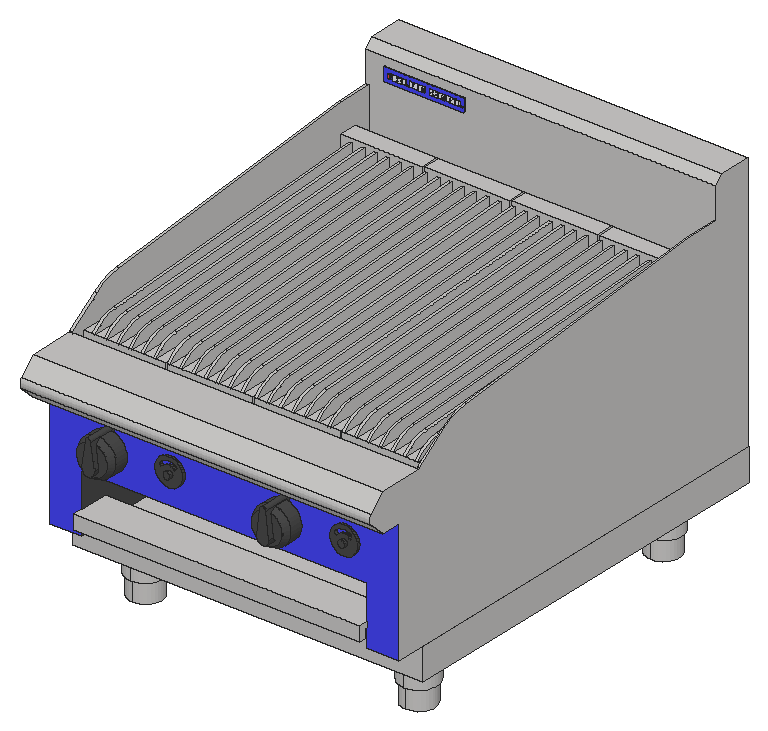
Revit family "QF_MOFFAT_BLUESEAL_AU_G594-B", category Specialty Equipment, Revit 2012
Parameters
  Weight in Pounds = 281  # constant formula
  URL Cutsheet = "www.moffat.com"
  URL = "www.moffat.com"
  Type Mark [instance] = ""
  Status [instance] = ""
  Specification by User [instance] = ""
  Specification by Manufacturer = ""
  Show Logo [instance] = yes
  Show Casters [instance] = yes
  Serial Number = ""
  Seismic Rating = ""
  SMACNA No = ""
  Revision Code [instance] = ""
  Omniclass Number and Title = ""
  NAFEM Spec ID Number = ""
  Model = "G594-B"
  Mechanical Remarks [instance] = ""
  Mechanical Connection Type [instance] = ""
  Masterspec = ""
  Manufacturer = "MOFFAT BLUESEAL"
  Legs [instance] = not(Show Casters)  # no
  Item Number [instance] = ""
  Installed By [instance] = ""
  Identify Quantity as Lot [instance] = yes
  Gas Size = 3/4"
  Gas RI Height [instance] = 0 mm
  Gas KW [instance] = 18.6
  Gas Input [instance] = 62555.0 Btu/h
  Gas Connection Height = 0 mm
  Furnished By [instance] = ""
  Foodservice Equipment Identifier [instance] = yes
  Description = "600MM GAS CHARGRILL BENCH MOUNT"
  CSI MasterFormat = ""
  CSI Master Format = ""
  Body Finish = QF_Finishes_Stainless Steel
Reference planes
  plane 1 "BACK": y = 0
  plane 2: z = 0
  plane 3 "LEFT": x = 0
  plane 4 "RIGHT": x = 600
  plane 5 "FRONT": y = -812
  plane 6 "TOP": z = 972
  plane 7 "Center Y": x = 300
  plane 8 "Center X": y = -406
  plane 9: y = -100
  plane 10: y = -625
  plane 11: z = 585
  plane 12: x = 534.5
  plane 13: x = 65.5
Forms (mm)
  Extrusion 1, solid, material "QF_Finishes_Stainless Steel" <- "Body Finish"
    sketch origin (0, 0, -500) x (0, 1, 0) y (0, 0, 1)
      loop
        line (0, 640) -> (0, 1085) -> (-57.5, 1085) -> (-70, 1072.5) -> (-70, 875) -> (-705, 875) -> (-705, 915) -> (-783.97, 915) -> (-808.485, 890.485)
        arc (-808.485, 890.485) -> (-811.999, 882) -> (-808.485, 873.515) r 12
        line (-808.485, 873.515) -> (-784.97, 850) -> (-749, 850) -> (-749, 640) -> (0, 640)
      loop
        line (0, 585) -> (0, 639.206) -> (-699, 639.206) -> (-699, 585) -> (0, 585)
    from 0 to 600
  Extrusion 2, solid, material "QF_Finishes_Stainless Steel" <- "Body Finish"
    sketch origin (0, 0, -342.612) x (0, 1, 0) y (0, 0, 1)
      loop
        line (-70, 717) -> (-70, 860.112) -> (-127.045, 860.112) -> (-604.53, 814.135)
        arc (-604.53, 814.135) -> (-629.557, 808.415) -> (-652.303, 796.511) r 100
        line (-652.303, 796.511) -> (-705, 759.612) -> (-705, 717) -> (-70, 717)
    from 0 to 4.5
  Extrusion 3, solid, material "QF_Finishes_Stainless Steel" <- "Body Finish"
    sketch origin (600, 0, -342.612) x (0, 1, 0) y (0, 0, -1)
      loop
        line (-70, -717) -> (-705, -717) -> (-705, -759.612) -> (-652.303, -796.511)
        arc (-652.303, -796.511) -> (-629.557, -808.415) -> (-604.53, -814.135) r 100
        line (-604.53, -814.135) -> (-127.045, -860.112) -> (-70, -860.112) -> (-70, -717)
    from 0 to 3
  Revolve 4, solid, material "QF_Finishes_Black"
    sketch origin (108, 7, -344.2) x (0, 1, 0) y (0, 0, 1)
      loop
        line (-789, 671.5) -> (-800, 665.651) -> (-800, 639) -> (-756, 639) -> (-756, 644) -> (-766, 644) -> (-766, 671.5) -> (-789, 671.5)
      axis (-800, 639) -> (-756, 639)
    angle from 0 to 360
  Extrusion 5, solid, material "QF_Finishes_Black"
    sketch origin (-30.113, 7, -344.2) x (1, 0, 0) y (0, 0, 1)
      loop
        line (148.532, 628.195) -> (143.111, 671.113)
        arc (143.111, 671.113) -> (138.113, 676) -> (133.114, 671.113) r 5
        line (133.114, 671.113) -> (127.625, 627.028)
        arc (127.625, 627.028) -> (138.697, 616.529) -> (148.532, 628.195) r 10.487
    from 759 to 808
  Extrusion 6, solid, material "QF_Finishes_Stainless Steel"
    sketch origin (276, 0, -342) x (0, 1, 0) y (0, 0, 1)
      loop
        line (-132, 752.364) -> (-132, 804.849) -> (-637.852, 774.53)
        arc (-637.852, 774.53) -> (-663.098, 767.97) -> (-684, 752.364) r 67.81
        line (-684, 752.364) -> (-132, 752.364)
    from 0 to 4.5
  Extrusion 7, solid, material "QF_Finishes_Stainless Steel"
    sketch origin (255, 0, -342) x (0, 1, 0) y (0, 0, 1)
      loop
        line (-132, 752.364) -> (-132, 804.849) -> (-637.852, 774.53)
        arc (-637.852, 774.53) -> (-663.098, 767.97) -> (-684, 752.364) r 67.81
        line (-684, 752.364) -> (-132, 752.364)
    from 0 to 4.5
  Extrusion 8, solid, material "QF_Finishes_Stainless Steel"
    sketch origin (234, 0, -342) x (0, 1, 0) y (0, 0, 1)
      loop
        line (-132, 752.364) -> (-132, 804.849) -> (-637.852, 774.53)
        arc (-637.852, 774.53) -> (-663.098, 767.97) -> (-684, 752.364) r 67.81
        line (-684, 752.364) -> (-132, 752.364)
    from 0 to 4.5
  Extrusion 9, solid, material "QF_Finishes_Stainless Steel"
    sketch origin (213, 0, -342) x (0, 1, 0) y (0, 0, 1)
      loop
        line (-132, 752.364) -> (-132, 804.849) -> (-637.852, 774.53)
        arc (-637.852, 774.53) -> (-663.098, 767.97) -> (-684, 752.364) r 67.81
        line (-684, 752.364) -> (-132, 752.364)
    from 0 to 4.5
  Extrusion 10, solid, material "QF_Finishes_Stainless Steel"
    sketch origin (192, 0, -342) x (0, 1, 0) y (0, 0, 1)
      loop
        line (-132, 752.364) -> (-132, 804.849) -> (-637.852, 774.53)
        arc (-637.852, 774.53) -> (-663.098, 767.97) -> (-684, 752.364) r 67.81
        line (-684, 752.364) -> (-132, 752.364)
    from 0 to 4.5
  Extrusion 11, solid, material "QF_Finishes_Stainless Steel"
    sketch origin (171, 0, -342) x (0, 1, 0) y (0, 0, 1)
      loop
        line (-132, 752.364) -> (-132, 804.849) -> (-637.852, 774.53)
        arc (-637.852, 774.53) -> (-663.098, 767.97) -> (-684, 752.364) r 67.81
        line (-684, 752.364) -> (-132, 752.364)
    from 0 to 4.5
  Extrusion 12, solid, material "QF_Finishes_Stainless Steel"
    sketch origin (150, 0, -342) x (0, 1, 0) y (0, 0, 1)
      loop
        line (-132, 752.364) -> (-132, 804.849) -> (-637.852, 774.53)
        arc (-637.852, 774.53) -> (-663.098, 767.97) -> (-684, 752.364) r 67.81
        line (-684, 752.364) -> (-132, 752.364)
    from 0 to 4.5
  Extrusion 13, solid, material "QF_Finishes_Stainless Steel"
    sketch origin (126, 0, -342) x (0, 1, 0) y (0, 0, 1)
      loop
        line (-132, 752.364) -> (-132, 804.849) -> (-637.852, 774.53)
        arc (-637.852, 774.53) -> (-663.098, 767.97) -> (-684, 752.364) r 67.81
        line (-684, 752.364) -> (-132, 752.364)
    from 0 to 4.5
  Extrusion 14, solid, material "QF_Finishes_Stainless Steel"
    sketch origin (105, 0, -342) x (0, 1, 0) y (0, 0, 1)
      loop
        line (-132, 752.364) -> (-132, 804.849) -> (-637.852, 774.53)
        arc (-637.852, 774.53) -> (-663.098, 767.97) -> (-684, 752.364) r 67.81
        line (-684, 752.364) -> (-132, 752.364)
    from 0 to 4.5
  Extrusion 15, solid, material "QF_Finishes_Stainless Steel"
    sketch origin (84, 0, -342) x (0, 1, 0) y (0, 0, 1)
      loop
        line (-132, 752.364) -> (-132, 804.849) -> (-637.852, 774.53)
        arc (-637.852, 774.53) -> (-663.098, 767.97) -> (-684, 752.364) r 67.81
        line (-684, 752.364) -> (-132, 752.364)
    from 0 to 4.5
  Extrusion 16, solid, material "QF_Finishes_Stainless Steel"
    sketch origin (63, 0, -342) x (0, 1, 0) y (0, 0, 1)
      loop
        line (-132, 752.364) -> (-132, 804.849) -> (-637.852, 774.53)
        arc (-637.852, 774.53) -> (-663.098, 767.97) -> (-684, 752.364) r 67.81
        line (-684, 752.364) -> (-132, 752.364)
    from 0 to 4.5
  Extrusion 17, solid, material "QF_Finishes_Stainless Steel"
    sketch origin (42, 0, -342) x (0, 1, 0) y (0, 0, 1)
      loop
        line (-132, 752.364) -> (-132, 804.849) -> (-637.852, 774.53)
        arc (-637.852, 774.53) -> (-663.098, 767.97) -> (-684, 752.364) r 67.81
        line (-684, 752.364) -> (-132, 752.364)
    from 0 to 4.5
  Extrusion 18, solid, material "QF_Finishes_Stainless Steel"
    sketch origin (21, 0, -342) x (0, 1, 0) y (0, 0, 1)
      loop
        line (-132, 752.364) -> (-132, 804.849) -> (-637.852, 774.53)
        arc (-637.852, 774.53) -> (-663.098, 767.97) -> (-684, 752.364) r 67.81
        line (-684, 752.364) -> (-132, 752.364)
    from 0 to 4.5
  Extrusion 19, solid, material "QF_Finishes_Stainless Steel"
    sketch origin (426, 0, -342) x (0, 1, 0) y (0, 0, 1)
      loop
        line (-132, 752.364) -> (-132, 804.849) -> (-637.852, 774.53)
        arc (-637.852, 774.53) -> (-663.098, 767.97) -> (-684, 752.364) r 67.81
        line (-684, 752.364) -> (-132, 752.364)
    from 0 to 4.5
  Extrusion 20, solid, material "QF_Finishes_Stainless Steel"
    sketch origin (405, 0, -342) x (0, 1, 0) y (0, 0, 1)
      loop
        line (-132, 752.364) -> (-132, 804.849) -> (-637.852, 774.53)
        arc (-637.852, 774.53) -> (-663.098, 767.97) -> (-684, 752.364) r 67.81
        line (-684, 752.364) -> (-132, 752.364)
    from 0 to 4.5
  Extrusion 21, solid, material "QF_Finishes_Stainless Steel"
    sketch origin (384, 0, -342) x (0, 1, 0) y (0, 0, 1)
      loop
        line (-132, 752.364) -> (-132, 804.849) -> (-637.852, 774.53)
        arc (-637.852, 774.53) -> (-663.098, 767.97) -> (-684, 752.364) r 67.81
        line (-684, 752.364) -> (-132, 752.364)
    from 0 to 4.5
  Extrusion 22, solid, material "QF_Finishes_Stainless Steel"
    sketch origin (363, 0, -342) x (0, 1, 0) y (0, 0, 1)
      loop
        line (-132, 752.364) -> (-132, 804.849) -> (-637.852, 774.53)
        arc (-637.852, 774.53) -> (-663.098, 767.97) -> (-684, 752.364) r 67.81
        line (-684, 752.364) -> (-132, 752.364)
    from 0 to 4.5
  Extrusion 23, solid, material "QF_Finishes_Stainless Steel"
    sketch origin (342, 0, -342) x (0, 1, 0) y (0, 0, 1)
      loop
        line (-132, 752.364) -> (-132, 804.849) -> (-637.852, 774.53)
        arc (-637.852, 774.53) -> (-663.098, 767.97) -> (-684, 752.364) r 67.81
        line (-684, 752.364) -> (-132, 752.364)
    from 0 to 4.5
  Extrusion 24, solid, material "QF_Finishes_Stainless Steel"
    sketch origin (321, 0, -342) x (0, 1, 0) y (0, 0, 1)
      loop
        line (-132, 752.364) -> (-132, 804.849) -> (-637.852, 774.53)
        arc (-637.852, 774.53) -> (-663.098, 767.97) -> (-684, 752.364) r 67.81
        line (-684, 752.364) -> (-132, 752.364)
    from 0 to 4.5
  Extrusion 25, solid, material "QF_Finishes_Stainless Steel"
    sketch origin (300, 0, -342) x (0, 1, 0) y (0, 0, 1)
      loop
        line (-132, 752.364) -> (-132, 804.849) -> (-637.852, 774.53)
        arc (-637.852, 774.53) -> (-663.098, 767.97) -> (-684, 752.364) r 67.81
        line (-684, 752.364) -> (-132, 752.364)
    from 0 to 4.5
  Extrusion 26, solid, material "QF_Finishes_Stainless Steel"
    sketch origin (576, 0, -342) x (0, 1, 0) y (0, 0, 1)
      loop
        line (-132, 752.364) -> (-132, 804.849) -> (-637.852, 774.53)
        arc (-637.852, 774.53) -> (-663.098, 767.97) -> (-684, 752.364) r 67.81
        line (-684, 752.364) -> (-132, 752.364)
    from 0 to 4.5
  Extrusion 27, solid, material "QF_Finishes_Stainless Steel"
    sketch origin (555, 0, -342) x (0, 1, 0) y (0, 0, 1)
      loop
        line (-132, 752.364) -> (-132, 804.849) -> (-637.852, 774.53)
        arc (-637.852, 774.53) -> (-663.098, 767.97) -> (-684, 752.364) r 67.81
        line (-684, 752.364) -> (-132, 752.364)
    from 0 to 4.5
  Extrusion 28, solid, material "QF_Finishes_Stainless Steel"
    sketch origin (534, 0, -342) x (0, 1, 0) y (0, 0, 1)
      loop
        line (-132, 752.364) -> (-132, 804.849) -> (-637.852, 774.53)
        arc (-637.852, 774.53) -> (-663.098, 767.97) -> (-684, 752.364) r 67.81
        line (-684, 752.364) -> (-132, 752.364)
    from 0 to 4.5
  Extrusion 29, solid, material "QF_Finishes_Stainless Steel"
    sketch origin (513, 0, -342) x (0, 1, 0) y (0, 0, 1)
      loop
        line (-132, 752.364) -> (-132, 804.849) -> (-637.852, 774.53)
        arc (-637.852, 774.53) -> (-663.098, 767.97) -> (-684, 752.364) r 67.81
        line (-684, 752.364) -> (-132, 752.364)
    from 0 to 4.5
  Extrusion 30, solid, material "QF_Finishes_Stainless Steel"
    sketch origin (492, 0, -342) x (0, 1, 0) y (0, 0, 1)
      loop
        line (-132, 752.364) -> (-132, 804.849) -> (-637.852, 774.53)
        arc (-637.852, 774.53) -> (-663.098, 767.97) -> (-684, 752.364) r 67.81
        line (-684, 752.364) -> (-132, 752.364)
    from 0 to 4.5
  Extrusion 31, solid, material "QF_Finishes_Stainless Steel"
    sketch origin (471, 0, -342) x (0, 1, 0) y (0, 0, 1)
      loop
        line (-132, 752.364) -> (-132, 804.849) -> (-637.852, 774.53)
        arc (-637.852, 774.53) -> (-663.098, 767.97) -> (-684, 752.364) r 67.81
        line (-684, 752.364) -> (-132, 752.364)
    from 0 to 4.5
  Extrusion 32, solid, material "QF_Finishes_Stainless Steel"
    sketch origin (450, 0, -342) x (0, 1, 0) y (0, 0, 1)
      loop
        line (-132, 752.364) -> (-132, 804.849) -> (-637.852, 774.53)
        arc (-637.852, 774.53) -> (-663.098, 767.97) -> (-684, 752.364) r 67.81
        line (-684, 752.364) -> (-132, 752.364)
    from 0 to 4.5
  Extrusion 33, solid, material "QF_Finishes_Stainless Steel"
    sketch origin (0, 3, -500) x (1, 0, 0) y (0, 1, 0)
      loop
        circle (216, -37) r 13.5
    from 553 to 585
  Extrusion 34, solid, material "QF_Finishes_Stainless Steel"
    sketch origin (0, 0, -342) x (0, 1, 0) y (0, 0, 1)
      loop
        line (-132, 752.364) -> (-684, 752.364) -> (-684, 717) -> (-102, 717) -> (-102, 812) -> (-132, 812) -> (-132, 752.364)
    from 4.5 to 147
  Extrusion 35, solid, material "QF_Finishes_Stainless Steel"
    sketch origin (145.5, 0, -342) x (0, 1, 0) y (0, 0, 1)
      loop
        line (-132, 752.364) -> (-684, 752.364) -> (-684, 717) -> (-102, 717) -> (-102, 812) -> (-132, 812) -> (-132, 752.364)
    from 4.5 to 151.5
  Extrusion 36, solid, material "QF_Finishes_Stainless Steel"
    sketch origin (295.5, 0, -342) x (0, 1, 0) y (0, 0, 1)
      loop
        line (-132, 752.364) -> (-684, 752.364) -> (-684, 717) -> (-102, 717) -> (-102, 812) -> (-132, 812) -> (-132, 752.364)
    from 4.5 to 151.5
  Extrusion 37, solid, material "QF_Finishes_Stainless Steel"
    sketch origin (445.5, 0, -342) x (0, 1, 0) y (0, 0, 1)
      loop
        line (-132, 752.364) -> (-684, 752.364) -> (-684, 717) -> (-102, 717) -> (-102, 812) -> (-132, 812) -> (-132, 752.364)
    from 4.5 to 151.5
  Extrusion 38, solid, material "QF_Finishes_Black"
    sketch origin (0, -749, 350) x (0, 0, -1) y (1, 0, 0)
      loop
        circle (55.799, 208) r 23.9
      loop
        arc (48.44, 216.419) -> (49.3, 221.219) -> (44.5, 222.079) r 3.448
        arc (44.5, 222.079) -> (37.915, 207.341) -> (45.718, 193.209) r 18.095
        arc (45.718, 193.209) -> (50.44, 194.491) -> (49.125, 199.204) r 3.448
        arc (49.125, 199.204) -> (45.557, 207.683) -> (48.44, 216.419) r 13.109
      loop
        circle (55.799, 508) r 23.9
      loop
        arc (44.5, 522.079) -> (37.915, 507.341) -> (45.718, 493.209) r 18.095
        arc (45.718, 493.209) -> (50.44, 494.491) -> (49.125, 499.204) r 3.448
        arc (49.125, 499.204) -> (45.557, 507.683) -> (48.44, 516.419) r 13.109
        arc (48.44, 516.419) -> (49.3, 521.219) -> (44.5, 522.079) r 3.448
    from 0 to 4
  Extrusion 39, solid, material "QF_Finishes_Black"
    sketch origin (0, -753, 350) x (0, 0, -1) y (1, 0, 0)
      loop
        circle (59.299, 208) r 5.75
      loop
        circle (59.299, 508) r 5.75
    from 0 to 5
  Revolve 40, solid, material "QF_Finishes_Black"
    sketch origin (408, 7, -344.2) x (0, 1, 0) y (0, 0, 1)
      loop
        line (-789, 671.5) -> (-800, 665.651) -> (-800, 639) -> (-756, 639) -> (-756, 644) -> (-766, 644) -> (-766, 671.5) -> (-789, 671.5)
      axis (-800, 639) -> (-756, 639)
    angle from 0 to 360
  Extrusion 41, solid, material "QF_Finishes_Black"
    sketch origin (269.887, 7, -344.2) x (1, 0, 0) y (0, 0, 1)
      loop
        line (148.532, 628.195) -> (143.111, 671.113)
        arc (143.111, 671.113) -> (138.113, 676) -> (133.114, 671.113) r 5
        line (133.114, 671.113) -> (127.625, 627.028)
        arc (127.625, 627.028) -> (138.697, 616.529) -> (148.532, 628.195) r 10.487
    from 759 to 808
  Extrusion 42, void
    sketch origin (0, -749, 350) x (0, 0, 1) y (1, 0, 0)
      loop
        line (-210, 545) -> (-210, 55) -> (-110, 55) -> (-110, 545) -> (-210, 545)
    from 0 to 250
  Extrusion 43, solid, material "QF_Finishes_Stainless Steel"
    sketch origin (55, -749, 140) x (0, 0, 1) y (0, -1, 0)
      loop
        line (16.797, 15.924) -> (16.797, 5.924) -> (31.797, 5.924) -> (31.797, -31.346) -> (0, -31.346) -> (0, -50) -> (41.797, -50) -> (41.797, 15.924) -> (16.797, 15.924)
    from 0 to 490
  Revolve 44, solid, material "QF_Finishes_Stainless Steel" <- "Body Finish"
    sketch origin (534.5, -735, 0) x (0, 1, 0) y (0, 0, -1)
      loop
        line (78.25, -85) -> (110, -85) -> (110, 0) -> (82.5, 0) -> (82.5, -35) -> (78.25, -35) -> (78.25, -85)
      axis (110, -85) -> (110, 0)
    angle from 0 to 360
  Revolve 45, solid, material "QF_Finishes_Stainless Steel" <- "Body Finish"
    sketch origin (534.5, -210, 0) x (0, 1, 0) y (0, 0, -1)
      loop
        line (78.25, -85) -> (110, -85) -> (110, 0) -> (82.5, 0) -> (82.5, -35) -> (78.25, -35) -> (78.25, -85)
      axis (110, -85) -> (110, 0)
    angle from 0 to 360
  Revolve 46, solid, material "QF_Finishes_Stainless Steel" <- "Body Finish"
    sketch origin (65.5, -735, 0) x (0, 1, 0) y (0, 0, 1)
      loop
        line (78.25, 85) -> (78.25, 35) -> (82.5, 35) -> (82.5, 0) -> (110, 0) -> (110, 85) -> (78.25, 85)
      axis (110, 85) -> (110, 0)
    angle from 0 to 360
  Revolve 47, solid, material "QF_Finishes_Stainless Steel" <- "Body Finish"
    sketch origin (65.5, -210, 0) x (0, 1, 0) y (0, 0, 1)
      loop
        line (78.25, 85) -> (78.25, 35) -> (82.5, 35) -> (82.5, 0) -> (110, 0) -> (110, 85) -> (78.25, 85)
      axis (110, 85) -> (110, 0)
    angle from 0 to 360
Cuts and joins
  joined: Revolve 4, Extrusion 5
  Extrusion 42 cuts Extrusion 1
  Extrusion 42 cuts Extrusion 2
  Extrusion 42 cuts Extrusion 3
  joined: Extrusion 1, Extrusion 2, Extrusion 3
Lines and regions (mm)
  Split face 1
    outline origin (600, 0, 585) x (-1, 0, 0) y (0, -1, 0)
      loop
        arc (556, 18.185) -> (564.66, 23.185) -> (564.66, 33.185) r 10
        line (564.66, 33.185) -> (560.619, 40.185)
        arc (560.619, 40.185) -> (556.959, 43.845) -> (551.959, 45.185) r 10
        line (551.959, 45.185) -> (324, 45.185)
        arc (324, 45.185) -> (315.34, 40.185) -> (315.34, 30.185) r 10
        line (315.34, 30.185) -> (319.381, 23.185)
        arc (319.381, 23.185) -> (323.041, 19.525) -> (328.041, 18.185) r 10
        line (328.041, 18.185) -> (556, 18.185)
  Split face 2
    outline origin (600, 0, 585) x (-1, 0, 0) y (0, -1, 0)
      loop
        arc (256, 18.185) -> (264.66, 23.185) -> (264.66, 33.185) r 10
        line (264.66, 33.185) -> (260.619, 40.185)
        arc (260.619, 40.185) -> (256.959, 43.845) -> (251.959, 45.185) r 10
        line (251.959, 45.185) -> (24, 45.185)
        arc (24, 45.185) -> (15.34, 40.185) -> (15.34, 30.185) r 10
        line (15.34, 30.185) -> (19.381, 23.185)
        arc (19.381, 23.185) -> (23.041, 19.525) -> (28.041, 18.185) r 10
        line (28.041, 18.185) -> (256, 18.185)
  symbolic lines
    curve 1: line (271.959, -18.185, 0) -> (44, -18.185, 0)
    curve 2: arc (44, -18.185, 0) -> (35.34, -23.185, 0) -> (35.34, -33.185, 0) r 10
    curve 3: line (35.34, -33.185, 0) -> (39.381, -40.185, 0)
    curve 4: arc (39.381, -40.185, 0) -> (43.041, -43.845, 0) -> (48.041, -45.185, 0) r 10
    curve 5: line (48.041, -45.185, 0) -> (276, -45.185, 0)
    curve 6: arc (276, -45.185, 0) -> (284.66, -40.185, 0) -> (284.66, -30.185, 0) r 10
    curve 7: line (284.66, -30.185, 0) -> (280.619, -23.185, 0)
    curve 8: arc (280.619, -23.185, 0) -> (276.959, -19.525, 0) -> (271.959, -18.185, 0) r 10
    curve 9: line (571.959, -18.185, 0) -> (344, -18.185, 0)
    curve 10: arc (344, -18.185, 0) -> (335.34, -23.185, 0) -> (335.34, -33.185, 0) r 10
    curve 11: line (335.34, -33.185, 0) -> (339.381, -40.185, 0)
    curve 12: arc (339.381, -40.185, 0) -> (343.041, -43.845, 0) -> (348.041, -45.185, 0) r 10
    curve 13: line (348.041, -45.185, 0) -> (576, -45.185, 0)
    curve 14: arc (576, -45.185, 0) -> (584.66, -40.185, 0) -> (584.66, -30.185, 0) r 10
    curve 15: line (584.66, -30.185, 0) -> (580.619, -23.185, 0)
    curve 16: arc (580.619, -23.185, 0) -> (576.959, -19.525, 0) -> (571.959, -18.185, 0) r 10
    curve 17: line (600, 0, 0) -> (0, 0, 0)
    curve 18: line (0, 0, 0) -> (0, -811.999, 0)
    curve 19: line (600, -811.999, 0) -> (600, 0, 0)
    curve 20: line (0, -783.97, 0) -> (600, -783.97, 0)
    curve 21: line (597, -705, 0) -> (4.5, -705, 0)
    curve 22: line (600, -811.999, 0) -> (0, -811.999, 0)
    curve 23: line (0, -57.5, 0) -> (600, -57.5, 0)
    curve 24: line (0, -70, 0) -> (600, -70, 0)
    curve 25: line (4.5, -705, 0) -> (4.5, -70, 0)
    curve 26: line (597, -70, 0) -> (597, -705, 0)
    curve 27: line (147, -102, 0) -> (4.5, -102, 0)
    curve 28: line (297, -102, 0) -> (150, -102, 0)
    curve 29: line (447, -102, 0) -> (300, -102, 0)
    curve 30: line (597, -102, 0) -> (450, -102, 0)
    curve 31: line (147, -684, 0) -> (147, -102, 0)
    curve 32: line (150, -102, 0) -> (150, -684, 0)
    curve 33: line (297, -684, 0) -> (297, -102, 0)
    curve 34: line (300, -102, 0) -> (300, -684, 0)
    curve 35: line (447, -684, 0) -> (447, -102, 0)
    curve 36: line (450, -102, 0) -> (450, -684, 0)
    curve 37: line (21, -132, 0) -> (21, -684, 0)
    curve 38: line (42, -132, 0) -> (42, -684, 0)
    curve 39: line (63, -132, 0) -> (63, -684, 0)
    curve 40: line (84, -132, 0) -> (84, -684, 0)
    curve 41: line (105, -132, 0) -> (105, -684, 0)
    curve 42: line (126, -132, 0) -> (126, -684, 0)
    curve 43: line (150, -132, 0) -> (297, -132, 0)
    curve 44: line (4.5, -132, 0) -> (147, -132, 0)
    curve 45: line (300, -132, 0) -> (447, -132, 0)
    curve 46: line (450, -132, 0) -> (597, -132, 0)
    curve 47: line (154.5, -684, 0) -> (154.5, -132, 0)
    curve 48: line (175.5, -684, 0) -> (175.5, -132, 0)
    curve 49: line (196.5, -684, 0) -> (196.5, -132, 0)
    curve 50: line (217.5, -684, 0) -> (217.5, -132, 0)
    curve 51: line (238.5, -684, 0) -> (238.5, -132, 0)
    curve 52: line (259.5, -684, 0) -> (259.5, -132, 0)
    curve 53: line (280.5, -684, 0) -> (280.5, -132, 0)
    curve 54: line (304.5, -684, 0) -> (304.5, -132, 0)
    curve 55: line (325.5, -684, 0) -> (325.5, -132, 0)
    curve 56: line (346.5, -684, 0) -> (346.5, -132, 0)
    curve 57: line (367.5, -684, 0) -> (367.5, -132, 0)
    curve 58: line (388.5, -684, 0) -> (388.5, -132, 0)
    curve 59: line (409.5, -684, 0) -> (409.5, -132, 0)
    curve 60: line (430.5, -684, 0) -> (430.5, -132, 0)
    curve 61: line (454.5, -684, 0) -> (454.5, -132, 0)
    curve 62: line (475.5, -684, 0) -> (475.5, -132, 0)
    curve 63: line (496.5, -684, 0) -> (496.5, -132, 0)
    curve 64: line (517.5, -684, 0) -> (517.5, -132, 0)
    curve 65: line (538.5, -684, 0) -> (538.5, -132, 0)
    curve 66: line (559.5, -684, 0) -> (559.5, -132, 0)
    curve 67: line (580.5, -684, 0) -> (580.5, -132, 0)
    curve 68: line (4.5, -684, 0) -> (147, -684, 0)
    curve 69: line (150, -684, 0) -> (297, -684, 0)
    curve 70: line (300, -684, 0) -> (447, -684, 0)
    curve 71: line (450, -684, 0) -> (597, -684, 0)
Dimensions and locks
  equal spacing: plane 3 "LEFT", plane 7 "Center Y", plane 4 "RIGHT"
  plane 3 "LEFT" to plane 4 "RIGHT" = 600 mm
  equal spacing: plane 5 "FRONT", plane 8 "Center X", plane 1 "BACK"
  plane 5 "FRONT" to plane 1 "BACK" = 812 mm  (x2)
  equal spacing: plane 4 "RIGHT", plane 7 "Center Y", plane 3 "LEFT"
  plane 4 "RIGHT" to plane 3 "LEFT" = 600 mm
  Extrusion 33 to level = 53 mm  (x2)
  Extrusion 33 to plane 1 "BACK" = 34 mm
  Extrusion 33 sketch curve to plane 1 "BACK" = 34 mm
  plane 2 to Extrusion 33 = 53 mm
  plane 3 "LEFT" to Extrusion 33 sketch curve = 216 mm
  locked: plane 11 to level at 585
  cut or joined group of Extrusion 1, Extrusion 2, Extrusion 3, Extrusion 42 to level = 85 mm
  plane 12 to plane 13 = 469 mm
  cut or joined group of Extrusion 1, Extrusion 2, Extrusion 3, Extrusion 42 to plane 2 = 415 mm
  aligned and locked: level to plane 2
Automatic sketch dimensions
  Extrusion 1 sketch curve to plane 1 "BACK" = 0 mm  (x2)
  Extrusion 1 sketch curve to Extrusion 1 sketch curve = 57.5 mm
  plane 1 "BACK" to Extrusion 1 sketch curve = 70 mm
  Extrusion 1 sketch curve to plane 5 "FRONT" = 107 mm
  Extrusion 1 sketch curve to plane 5 "FRONT" = 113 mm
  Extrusion 1 sketch curve to Extrusion 1 sketch curve = 44 mm
  Extrusion 1 sketch curve to plane 5 "FRONT" = 28.03 mm
  Extrusion 1 sketch curve to plane 5 "FRONT" = 27.03 mm
  Extrusion 1 sketch curve to plane 5 "FRONT" = 12.001 mm
  Extrusion 1 sketch curve to plane 5 "FRONT" = 3.515 mm  (x2)
  Extrusion 1 sketch curve to Extrusion 1 sketch curve = 24.515 mm
  Extrusion 1 sketch curve to Extrusion 1 sketch curve = 8.485 mm
  Extrusion 1 sketch curve to Extrusion 1 sketch curve = 40 mm
  Extrusion 1 sketch curve to Extrusion 1 sketch curve = 23.515 mm
  Extrusion 1 sketch curve to Extrusion 1 sketch curve = 235 mm
  Extrusion 1 sketch curve to Extrusion 1 sketch curve = 0.794 mm
  Extrusion 1 sketch curve to Extrusion 1 sketch curve = 54.206 mm
  Extrusion 2 sketch curve to plane 5 "FRONT" = 107 mm
  Extrusion 2 sketch curve to Extrusion 2 sketch curve = 52.697 mm
  Extrusion 2 sketch curve to plane 6 "TOP" = 500.477 mm
  Extrusion 2 sketch curve to Extrusion 2 sketch curve = 47.773 mm
  Extrusion 2 sketch curve to plane 6 "TOP" = 454.5 mm
  plane 1 "BACK" to Extrusion 2 sketch curve = 127.045 mm
  plane 1 "BACK" to Extrusion 2 sketch curve = 70 mm
  Extrusion 2 sketch curve to Extrusion 2 sketch curve = 79.511 mm
  Extrusion 2 sketch curve to Extrusion 2 sketch curve = 42.612 mm
  Extrusion 3 sketch curve to plane 5 "FRONT" = 107 mm
  Extrusion 3 sketch curve to Extrusion 3 sketch curve = 52.697 mm
  Extrusion 3 sketch curve to plane 6 "TOP" = 500.477 mm
  Extrusion 3 sketch curve to Extrusion 3 sketch curve = 47.773 mm
  Extrusion 3 sketch curve to plane 6 "TOP" = 454.5 mm
  plane 1 "BACK" to Extrusion 3 sketch curve = 127.045 mm
  Extrusion 3 sketch curve to Extrusion 3 sketch curve = 57.045 mm
  Revolve 4 sketch curve to plane 5 "FRONT" = 19 mm
  Revolve 4 sketch curve to Revolve 4 sketch curve = 0 mm  (x2)
  Revolve 4 sketch curve to Revolve 4 sketch curve = 11 mm
  Revolve 4 sketch curve to Revolve 4 sketch curve = 12.7 mm
  Revolve 4 sketch curve to Revolve 4 sketch curve = 23 mm
  Revolve 4 sketch curve to Revolve 4 sketch curve = 10 mm
  Revolve 4 sketch curve to Revolve 4 sketch curve = 5 mm
  Revolve 4 sketch curve to Revolve 4 sketch curve = 26.651 mm
  Revolve 4 sketch curve to Revolve 4 sketch curve = 5.849 mm
  plane 3 "LEFT" to Extrusion 5 sketch curve = 97.513 mm
  Extrusion 5 sketch curve to Extrusion 5 sketch curve = 5.489 mm
  Extrusion 5 sketch curve to Extrusion 5 sketch curve = 4.999 mm  (x2)
  Extrusion 5 sketch curve to Extrusion 5 sketch curve = 10.487 mm
  Extrusion 5 sketch curve to Extrusion 5 sketch curve = 10.419 mm
  Extrusion 5 sketch curve to Extrusion 5 sketch curve = 0.028 mm
  Extrusion 5 sketch curve to Extrusion 5 sketch curve = 44 mm
  Extrusion 5 sketch curve to Extrusion 5 sketch curve = 0.113 mm
  Extrusion 6 sketch curve to plane 5 "FRONT" = 128 mm
  Extrusion 6 sketch curve to Extrusion 6 sketch curve = 46.148 mm
  Extrusion 6 sketch curve to Extrusion 6 sketch curve = 50.262 mm
  plane 1 "BACK" to Extrusion 6 sketch curve = 132 mm
  Extrusion 7 sketch curve to plane 5 "FRONT" = 128 mm
  Extrusion 7 sketch curve to Extrusion 7 sketch curve = 46.148 mm
  Extrusion 7 sketch curve to Extrusion 7 sketch curve = 50.262 mm
  plane 1 "BACK" to Extrusion 7 sketch curve = 132 mm
  Extrusion 8 sketch curve to plane 5 "FRONT" = 128 mm
  Extrusion 8 sketch curve to Extrusion 8 sketch curve = 46.148 mm
  Extrusion 8 sketch curve to Extrusion 8 sketch curve = 50.262 mm
  plane 1 "BACK" to Extrusion 8 sketch curve = 132 mm
  Extrusion 9 sketch curve to plane 5 "FRONT" = 128 mm
  Extrusion 9 sketch curve to Extrusion 9 sketch curve = 46.148 mm
  Extrusion 9 sketch curve to Extrusion 9 sketch curve = 50.262 mm
  plane 1 "BACK" to Extrusion 9 sketch curve = 132 mm
  Extrusion 10 sketch curve to plane 5 "FRONT" = 128 mm
  Extrusion 10 sketch curve to Extrusion 10 sketch curve = 46.148 mm
  Extrusion 10 sketch curve to Extrusion 10 sketch curve = 4.114 mm
  plane 1 "BACK" to Extrusion 10 sketch curve = 132 mm
  Extrusion 11 sketch curve to plane 5 "FRONT" = 128 mm
  Extrusion 11 sketch curve to Extrusion 11 sketch curve = 46.148 mm
  Extrusion 11 sketch curve to Extrusion 11 sketch curve = 4.114 mm
  plane 1 "BACK" to Extrusion 11 sketch curve = 132 mm
  Extrusion 12 sketch curve to plane 5 "FRONT" = 128 mm
  Extrusion 12 sketch curve to Extrusion 12 sketch curve = 46.148 mm
  Extrusion 12 sketch curve to Extrusion 12 sketch curve = 4.114 mm
  plane 1 "BACK" to Extrusion 12 sketch curve = 132 mm
  Extrusion 13 sketch curve to plane 5 "FRONT" = 128 mm
  Extrusion 13 sketch curve to Extrusion 13 sketch curve = 46.148 mm
  Extrusion 13 sketch curve to Extrusion 13 sketch curve = 50.262 mm
  plane 1 "BACK" to Extrusion 13 sketch curve = 132 mm
  Extrusion 14 sketch curve to plane 5 "FRONT" = 128 mm
  Extrusion 14 sketch curve to Extrusion 14 sketch curve = 46.148 mm
  Extrusion 14 sketch curve to Extrusion 14 sketch curve = 50.262 mm
  plane 1 "BACK" to Extrusion 14 sketch curve = 132 mm
  Extrusion 15 sketch curve to plane 5 "FRONT" = 128 mm
  Extrusion 15 sketch curve to Extrusion 15 sketch curve = 46.148 mm
  Extrusion 15 sketch curve to Extrusion 15 sketch curve = 50.262 mm
  plane 1 "BACK" to Extrusion 15 sketch curve = 132 mm
  Extrusion 16 sketch curve to plane 5 "FRONT" = 128 mm
  Extrusion 16 sketch curve to Extrusion 16 sketch curve = 46.148 mm
  Extrusion 16 sketch curve to Extrusion 16 sketch curve = 50.262 mm
  plane 1 "BACK" to Extrusion 16 sketch curve = 132 mm
  Extrusion 17 sketch curve to plane 5 "FRONT" = 128 mm
  Extrusion 17 sketch curve to Extrusion 17 sketch curve = 46.148 mm
  Extrusion 17 sketch curve to Extrusion 17 sketch curve = 50.262 mm
  plane 1 "BACK" to Extrusion 17 sketch curve = 132 mm
  Extrusion 18 sketch curve to plane 5 "FRONT" = 128 mm
  Extrusion 18 sketch curve to Extrusion 18 sketch curve = 46.148 mm
  Extrusion 18 sketch curve to Extrusion 18 sketch curve = 50.262 mm
  plane 1 "BACK" to Extrusion 18 sketch curve = 132 mm
  Extrusion 19 sketch curve to plane 5 "FRONT" = 128 mm
  Extrusion 19 sketch curve to Extrusion 19 sketch curve = 46.148 mm
  Extrusion 19 sketch curve to Extrusion 19 sketch curve = 50.262 mm
  plane 1 "BACK" to Extrusion 19 sketch curve = 132 mm
  Extrusion 20 sketch curve to plane 5 "FRONT" = 128 mm
  Extrusion 20 sketch curve to Extrusion 20 sketch curve = 46.148 mm
  Extrusion 20 sketch curve to Extrusion 20 sketch curve = 50.262 mm
  plane 1 "BACK" to Extrusion 20 sketch curve = 132 mm
  Extrusion 21 sketch curve to plane 5 "FRONT" = 128 mm
  Extrusion 21 sketch curve to Extrusion 21 sketch curve = 46.148 mm
  Extrusion 21 sketch curve to Extrusion 21 sketch curve = 50.262 mm
  plane 1 "BACK" to Extrusion 21 sketch curve = 132 mm
  Extrusion 22 sketch curve to plane 5 "FRONT" = 128 mm
  Extrusion 22 sketch curve to Extrusion 22 sketch curve = 46.148 mm
  Extrusion 22 sketch curve to Extrusion 22 sketch curve = 4.114 mm
  plane 1 "BACK" to Extrusion 22 sketch curve = 132 mm
  Extrusion 23 sketch curve to plane 5 "FRONT" = 128 mm
  Extrusion 23 sketch curve to Extrusion 23 sketch curve = 46.148 mm
  Extrusion 23 sketch curve to Extrusion 23 sketch curve = 50.262 mm
  plane 1 "BACK" to Extrusion 23 sketch curve = 132 mm
  Extrusion 24 sketch curve to plane 5 "FRONT" = 128 mm
  Extrusion 24 sketch curve to Extrusion 24 sketch curve = 46.148 mm
  Extrusion 24 sketch curve to Extrusion 24 sketch curve = 4.114 mm
  plane 1 "BACK" to Extrusion 24 sketch curve = 132 mm
  Extrusion 25 sketch curve to plane 5 "FRONT" = 128 mm
  Extrusion 25 sketch curve to Extrusion 25 sketch curve = 46.148 mm
  Extrusion 25 sketch curve to Extrusion 25 sketch curve = 50.262 mm
  plane 1 "BACK" to Extrusion 25 sketch curve = 132 mm
  Extrusion 26 sketch curve to plane 5 "FRONT" = 128 mm
  Extrusion 26 sketch curve to Extrusion 26 sketch curve = 46.148 mm
  Extrusion 26 sketch curve to Extrusion 26 sketch curve = 4.114 mm
  plane 1 "BACK" to Extrusion 26 sketch curve = 132 mm
  Extrusion 26 sketch curve to Extrusion 26 sketch curve = 45.518 mm
  Extrusion 27 sketch curve to plane 5 "FRONT" = 128 mm
  Extrusion 27 sketch curve to Extrusion 27 sketch curve = 46.148 mm
  Extrusion 27 sketch curve to Extrusion 27 sketch curve = 50.262 mm
  plane 1 "BACK" to Extrusion 27 sketch curve = 132 mm
  Extrusion 28 sketch curve to plane 5 "FRONT" = 128 mm
  Extrusion 28 sketch curve to Extrusion 28 sketch curve = 46.148 mm
  Extrusion 28 sketch curve to Extrusion 28 sketch curve = 50.262 mm
  plane 1 "BACK" to Extrusion 28 sketch curve = 132 mm
  Extrusion 29 sketch curve to plane 5 "FRONT" = 128 mm
  Extrusion 29 sketch curve to Extrusion 29 sketch curve = 46.148 mm
  Extrusion 29 sketch curve to Extrusion 29 sketch curve = 50.262 mm
  plane 1 "BACK" to Extrusion 29 sketch curve = 132 mm
  Extrusion 30 sketch curve to plane 5 "FRONT" = 128 mm
  Extrusion 30 sketch curve to Extrusion 30 sketch curve = 46.148 mm
  Extrusion 30 sketch curve to Extrusion 30 sketch curve = 50.262 mm
  plane 1 "BACK" to Extrusion 30 sketch curve = 132 mm
  Extrusion 31 sketch curve to plane 5 "FRONT" = 128 mm
  Extrusion 31 sketch curve to Extrusion 31 sketch curve = 46.148 mm
  Extrusion 31 sketch curve to Extrusion 31 sketch curve = 50.262 mm
  plane 1 "BACK" to Extrusion 31 sketch curve = 132 mm
  Extrusion 32 sketch curve to plane 5 "FRONT" = 128 mm
  Extrusion 32 sketch curve to Extrusion 32 sketch curve = 46.148 mm
  Extrusion 32 sketch curve to Extrusion 32 sketch curve = 50.262 mm
  plane 1 "BACK" to Extrusion 32 sketch curve = 132 mm
  Extrusion 34 sketch curve to plane 5 "FRONT" = 128 mm
  plane 1 "BACK" to Extrusion 34 sketch curve = 132 mm
  Extrusion 34 sketch curve to Extrusion 34 sketch curve = 30 mm
  Extrusion 34 sketch curve to Extrusion 34 sketch curve = 35.364 mm
  Extrusion 35 sketch curve to plane 5 "FRONT" = 128 mm
  plane 1 "BACK" to Extrusion 35 sketch curve = 132 mm
  Extrusion 35 sketch curve to Extrusion 35 sketch curve = 30 mm
  Extrusion 35 sketch curve to Extrusion 35 sketch curve = 35.364 mm
  Extrusion 36 sketch curve to plane 5 "FRONT" = 128 mm
  plane 1 "BACK" to Extrusion 36 sketch curve = 132 mm
  Extrusion 36 sketch curve to Extrusion 36 sketch curve = 30 mm
  Extrusion 36 sketch curve to Extrusion 36 sketch curve = 35.364 mm
  Extrusion 37 sketch curve to plane 5 "FRONT" = 128 mm
  plane 1 "BACK" to Extrusion 37 sketch curve = 132 mm
  Extrusion 37 sketch curve to Extrusion 37 sketch curve = 30 mm
  Extrusion 37 sketch curve to Extrusion 37 sketch curve = 35.364 mm
  Extrusion 1 to Extrusion 38 sketch curve = 44.5 mm  (x2)
  Extrusion 38 sketch curve to Extrusion 38 sketch curve = 1.218 mm  (x2)
  Extrusion 38 sketch curve to Extrusion 38 sketch curve = 1.97 mm  (x4)
  Extrusion 38 sketch curve to Extrusion 38 sketch curve = 1.724 mm  (x2)
  Extrusion 38 sketch curve to Extrusion 38 sketch curve = 1.683 mm  (x2)
  Extrusion 38 sketch curve to Extrusion 38 sketch curve = 6.674 mm  (x2)
  Extrusion 38 sketch curve to Extrusion 38 sketch curve = 0.195 mm  (x2)
  Extrusion 38 sketch curve to Extrusion 38 sketch curve = 2.662 mm  (x2)
  Extrusion 1 to Extrusion 38 sketch curve = 193.209 mm
  Extrusion 38 sketch curve to Extrusion 38 sketch curve = 2.986 mm  (x2)
  Extrusion 38 sketch curve to Extrusion 38 sketch curve = 8.796 mm  (x2)
  Extrusion 38 sketch curve to Extrusion 38 sketch curve = 0.103 mm  (x2)
  Extrusion 38 sketch curve to Extrusion 38 sketch curve = 0.102 mm  (x2)
  Extrusion 1 to Extrusion 38 sketch curve = 106.791 mm
  Extrusion 39 sketch curve to Extrusion 39 sketch curve = 0 mm
  Extrusion 39 sketch curve to Extrusion 39 sketch curve = 300 mm
  Revolve 40 sketch curve to plane 5 "FRONT" = 19 mm
  Revolve 40 sketch curve to Revolve 40 sketch curve = 0 mm  (x2)
  Revolve 40 sketch curve to Revolve 40 sketch curve = 11 mm
  Revolve 40 sketch curve to Revolve 40 sketch curve = 12.7 mm
  Revolve 40 sketch curve to Revolve 40 sketch curve = 23 mm
  Revolve 40 sketch curve to Revolve 40 sketch curve = 10 mm
  Revolve 40 sketch curve to Revolve 40 sketch curve = 5 mm
  Revolve 40 sketch curve to Revolve 40 sketch curve = 26.651 mm
  Revolve 40 sketch curve to Revolve 40 sketch curve = 5.849 mm
  plane 7 "Center Y" to Extrusion 41 sketch curve = 97.513 mm
  Extrusion 41 sketch curve to Extrusion 41 sketch curve = 5.489 mm
  Extrusion 41 sketch curve to Extrusion 41 sketch curve = 4.999 mm  (x2)
  Extrusion 41 sketch curve to Extrusion 41 sketch curve = 10.487 mm
  Extrusion 41 sketch curve to Extrusion 41 sketch curve = 10.419 mm
  Extrusion 41 sketch curve to Extrusion 41 sketch curve = 0.028 mm
  Extrusion 41 sketch curve to Extrusion 41 sketch curve = 44 mm
  Extrusion 41 sketch curve to Extrusion 41 sketch curve = 0.113 mm
  Extrusion 42 sketch curve to Extrusion 1 = 100 mm
  Extrusion 1 to Extrusion 42 sketch curve = 0 mm
  Extrusion 42 sketch curve to Extrusion 1 = 55 mm  (x2)
  Split face 1 sketch curve to cut or joined group of Extrusion 1, Extrusion 2, Extrusion 3, Extrusion 42 = 27.315 mm
  Split face 1 sketch curve to cut or joined group of Extrusion 1, Extrusion 2, Extrusion 3, Extrusion 42 = 284.66 mm
  Split face 1 sketch curve to Split face 1 sketch curve = 4.041 mm  (x4)
  Split face 1 sketch curve to Split face 1 sketch curve = 8.66 mm  (x2)
  Split face 1 sketch curve to cut or joined group of Extrusion 1, Extrusion 2, Extrusion 3, Extrusion 42 = 12.315 mm
  Split face 1 sketch curve to cut or joined group of Extrusion 1, Extrusion 2, Extrusion 3, Extrusion 42 = 48.041 mm
  Split face 1 sketch curve to Split face 1 sketch curve = 7 mm  (x3)
  Split face 1 sketch curve to Split face 1 sketch curve = 17 mm
  Split face 2 sketch curve to cut or joined group of Extrusion 1, Extrusion 2, Extrusion 3, Extrusion 42 = 15.34 mm
  Split face 2 sketch curve to Split face 2 sketch curve = 4.041 mm  (x4)
  Split face 2 sketch curve to Split face 2 sketch curve = 8.66 mm  (x2)
  Split face 2 sketch curve to cut or joined group of Extrusion 1, Extrusion 2, Extrusion 3, Extrusion 42 = 12.315 mm
  Split face 2 sketch curve to Split face 2 sketch curve = 223.917 mm
  Split face 2 sketch curve to Split face 2 sketch curve = 5 mm
  Split face 2 sketch curve to Split face 2 sketch curve = 10 mm
  Split face 2 sketch curve to Split face 2 sketch curve = 7 mm  (x3)
  Extrusion 43 sketch curve to Extrusion 42 = 15.924 mm
  Extrusion 43 sketch curve to Extrusion 42 = 16.797 mm
  Extrusion 43 sketch curve to Extrusion 42 = 31.797 mm
  Extrusion 43 sketch curve to Extrusion 43 sketch curve = 10 mm
  Extrusion 43 sketch curve to Extrusion 42 = 5.924 mm
  Extrusion 42 to Extrusion 43 sketch curve = 31.346 mm
  Extrusion 43 sketch curve to Extrusion 43 sketch curve = 18.654 mm
  Extrusion 42 to Extrusion 43 sketch curve = 0 mm
  Extrusion 1 sketch curve to plane 11 = 170 mm
  Extrusion 2 sketch curve to plane 10 = 30.055 mm
  Extrusion 2 sketch curve to Extrusion 2 sketch curve = 17.624 mm
  Extrusion 3 sketch curve to plane 10 = 30.055 mm
  Extrusion 3 sketch curve to Extrusion 3 sketch curve = 17.624 mm
  Extrusion 3 sketch curve to Extrusion 3 sketch curve = 36.899 mm
  Extrusion 3 sketch curve to Extrusion 3 sketch curve = 143.112 mm
  Revolve 4 sketch curve to plane 11 = 290.2 mm
  level to Extrusion 5 sketch curve = 282.8 mm
  Extrusion 6 sketch curve to plane 11 = 220.155 mm
  Extrusion 6 sketch curve to plane 11 = 174.636 mm
  Extrusion 6 sketch curve to Extrusion 6 sketch curve = 52.486 mm
  Extrusion 7 sketch curve to plane 11 = 220.155 mm
  Extrusion 7 sketch curve to plane 11 = 174.636 mm
  Extrusion 7 sketch curve to Extrusion 7 sketch curve = 52.486 mm
  Extrusion 8 sketch curve to plane 11 = 220.155 mm
  Extrusion 8 sketch curve to plane 11 = 174.636 mm
  Extrusion 8 sketch curve to Extrusion 8 sketch curve = 52.486 mm
  Extrusion 9 sketch curve to plane 11 = 220.155 mm
  Extrusion 9 sketch curve to plane 11 = 174.636 mm
  Extrusion 9 sketch curve to Extrusion 9 sketch curve = 52.486 mm
  Extrusion 10 sketch curve to plane 11 = 220.155 mm
  Extrusion 10 sketch curve to plane 11 = 174.636 mm
  Extrusion 10 sketch curve to Extrusion 10 sketch curve = 52.486 mm
  Extrusion 11 sketch curve to plane 11 = 220.155 mm
  Extrusion 11 sketch curve to plane 11 = 174.636 mm
  Extrusion 11 sketch curve to Extrusion 11 sketch curve = 52.486 mm
  Extrusion 12 sketch curve to plane 11 = 220.155 mm
  Extrusion 12 sketch curve to plane 11 = 174.636 mm
  Extrusion 12 sketch curve to Extrusion 12 sketch curve = 52.486 mm
  Extrusion 13 sketch curve to plane 11 = 220.155 mm
  Extrusion 13 sketch curve to plane 11 = 174.636 mm
  Extrusion 13 sketch curve to Extrusion 13 sketch curve = 52.486 mm
  Extrusion 14 sketch curve to plane 11 = 220.155 mm
  Extrusion 14 sketch curve to plane 11 = 174.636 mm
  Extrusion 14 sketch curve to Extrusion 14 sketch curve = 52.486 mm
  Extrusion 15 sketch curve to plane 11 = 220.155 mm
  Extrusion 15 sketch curve to plane 11 = 174.636 mm
  Extrusion 15 sketch curve to Extrusion 15 sketch curve = 52.486 mm
  Extrusion 16 sketch curve to plane 11 = 220.155 mm
  Extrusion 16 sketch curve to plane 11 = 174.636 mm
  Extrusion 16 sketch curve to Extrusion 16 sketch curve = 52.486 mm
  Extrusion 17 sketch curve to plane 11 = 220.155 mm
  Extrusion 17 sketch curve to plane 11 = 174.636 mm
  Extrusion 17 sketch curve to Extrusion 17 sketch curve = 52.486 mm
  Extrusion 18 sketch curve to plane 11 = 220.155 mm
  Extrusion 18 sketch curve to plane 11 = 174.636 mm
  Extrusion 18 sketch curve to Extrusion 18 sketch curve = 52.486 mm
  Extrusion 19 sketch curve to plane 11 = 220.155 mm
  Extrusion 19 sketch curve to plane 11 = 174.636 mm
  Extrusion 19 sketch curve to Extrusion 19 sketch curve = 52.486 mm
  Extrusion 20 sketch curve to plane 11 = 220.155 mm
  Extrusion 20 sketch curve to plane 11 = 174.636 mm
  Extrusion 20 sketch curve to Extrusion 20 sketch curve = 52.486 mm
  Extrusion 21 sketch curve to plane 11 = 220.155 mm
  Extrusion 21 sketch curve to plane 11 = 174.636 mm
  Extrusion 21 sketch curve to Extrusion 21 sketch curve = 52.486 mm
  Extrusion 22 sketch curve to plane 11 = 220.155 mm
  Extrusion 22 sketch curve to plane 11 = 174.636 mm
  Extrusion 22 sketch curve to Extrusion 22 sketch curve = 52.486 mm
  Extrusion 23 sketch curve to plane 11 = 220.155 mm
  Extrusion 23 sketch curve to plane 11 = 174.636 mm
  Extrusion 23 sketch curve to Extrusion 23 sketch curve = 52.486 mm
  Extrusion 24 sketch curve to plane 11 = 220.155 mm
  Extrusion 24 sketch curve to plane 11 = 174.636 mm
  Extrusion 24 sketch curve to Extrusion 24 sketch curve = 52.486 mm
  Extrusion 25 sketch curve to plane 11 = 220.155 mm
  Extrusion 25 sketch curve to plane 11 = 174.636 mm
  Extrusion 25 sketch curve to Extrusion 25 sketch curve = 52.486 mm
  Extrusion 26 sketch curve to plane 11 = 220.155 mm
  Extrusion 26 sketch curve to Extrusion 26 sketch curve = 52.486 mm
  Extrusion 27 sketch curve to plane 11 = 220.155 mm
  Extrusion 27 sketch curve to plane 11 = 174.636 mm
  Extrusion 27 sketch curve to Extrusion 27 sketch curve = 52.486 mm
  Extrusion 28 sketch curve to plane 11 = 220.155 mm
  Extrusion 28 sketch curve to plane 11 = 174.636 mm
  Extrusion 28 sketch curve to Extrusion 28 sketch curve = 52.486 mm
  Extrusion 29 sketch curve to plane 11 = 220.155 mm
  Extrusion 29 sketch curve to plane 11 = 174.636 mm
  Extrusion 29 sketch curve to Extrusion 29 sketch curve = 52.486 mm
  Extrusion 30 sketch curve to plane 11 = 220.155 mm
  Extrusion 30 sketch curve to plane 11 = 174.636 mm
  Extrusion 30 sketch curve to Extrusion 30 sketch curve = 52.486 mm
  Extrusion 31 sketch curve to plane 11 = 220.155 mm
  Extrusion 31 sketch curve to plane 11 = 174.636 mm
  Extrusion 31 sketch curve to Extrusion 31 sketch curve = 52.486 mm
  Extrusion 32 sketch curve to plane 11 = 220.155 mm
  Extrusion 32 sketch curve to plane 11 = 174.636 mm
  Extrusion 32 sketch curve to Extrusion 32 sketch curve = 52.486 mm
  Extrusion 34 sketch curve to plane 11 = 210 mm
  Extrusion 34 sketch curve to Extrusion 34 sketch curve = 59.636 mm
  Extrusion 35 sketch curve to plane 11 = 210 mm
  Extrusion 35 sketch curve to Extrusion 35 sketch curve = 59.636 mm
  Extrusion 36 sketch curve to plane 11 = 210 mm
  Extrusion 36 sketch curve to Extrusion 36 sketch curve = 59.636 mm
  Extrusion 37 sketch curve to plane 11 = 210 mm
  Extrusion 37 sketch curve to Extrusion 37 sketch curve = 59.636 mm
  Revolve 40 sketch curve to plane 11 = 290.2 mm
  level to Extrusion 41 sketch curve = 282.8 mm
  Extrusion 1 sketch curve to plane 11 = 0 mm
  Extrusion 1 sketch curve to plane 11 = 12.5 mm
  Revolve 44 sketch curve to level = 0 mm
  Revolve 44 sketch curve to plane 10 = 0 mm  (x2)
  plane 10 to Revolve 44 sketch curve = 27.5 mm
  Revolve 44 sketch curve to Revolve 44 sketch curve = 4.25 mm
  level to Revolve 44 sketch curve = 35 mm
  Revolve 44 sketch curve to Revolve 44 sketch curve = 15 mm
  Revolve 44 sketch curve to Revolve 44 sketch curve = 35 mm
  Revolve 44 sketch curve to Revolve 44 sketch curve = 55 mm
  Revolve 45 sketch curve to level = 0 mm
  Revolve 45 sketch curve to plane 9 = 0 mm  (x2)
  Revolve 45 sketch curve to Revolve 45 sketch curve = 27.5 mm
  Revolve 45 sketch curve to Revolve 45 sketch curve = 31.75 mm
  level to Revolve 45 sketch curve = 35 mm
  Revolve 45 sketch curve to Revolve 45 sketch curve = 15 mm
  Revolve 45 sketch curve to Revolve 45 sketch curve = 35 mm
  Revolve 45 sketch curve to Revolve 45 sketch curve = 55 mm
  Revolve 46 sketch curve to level = 0 mm
  Revolve 46 sketch curve to plane 10 = 0 mm  (x2)
  plane 10 to Revolve 46 sketch curve = 27.5 mm
  plane 10 to Revolve 46 sketch curve = 31.75 mm
  Revolve 46 sketch curve to Revolve 46 sketch curve = 55 mm
  level to Revolve 46 sketch curve = 35 mm
  Revolve 46 sketch curve to Revolve 46 sketch curve = 15 mm
  Revolve 46 sketch curve to Revolve 46 sketch curve = 35 mm
  Revolve 47 sketch curve to level = 0 mm
  Revolve 47 sketch curve to plane 9 = 0 mm  (x2)
  Revolve 47 sketch curve to Revolve 47 sketch curve = 27.5 mm
  Revolve 47 sketch curve to Revolve 47 sketch curve = 31.75 mm
  Revolve 47 sketch curve to Revolve 47 sketch curve = 55 mm
  level to Revolve 47 sketch curve = 35 mm
  Revolve 47 sketch curve to Revolve 47 sketch curve = 15 mm
  Revolve 47 sketch curve to Revolve 47 sketch curve = 35 mm
  curve 18 to plane 3 "LEFT" = 0 mm
  curve 22 to plane 4 "RIGHT" = 0 mm
  plane 1 "BACK" to curve 18 = 0 mm
  plane 3 "LEFT" to curve 21 = 4.5 mm
  curve 2 to plane 13 = 30.16 mm
  curve 2 to curve 4 = 4.041 mm  (x2)
  curve 3 to curve 2 = 8.66 mm
  plane 1 "BACK" to curve 1 = 18.185 mm
  curve 1 to plane 7 "Center Y" = 28.041 mm
  curve 8 to curve 6 = 4.041 mm  (x2)
  curve 8 to curve 8 = 8.66 mm
  plane 7 "Center Y" to curve 10 = 35.34 mm
  curve 10 to curve 12 = 4.041 mm
  curve 11 to curve 10 = 8.66 mm
  curve 12 to curve 12 = 8.66 mm
  plane 1 "BACK" to curve 9 = 18.185 mm
  plane 4 "RIGHT" to curve 9 = 28.041 mm
  curve 16 to curve 14 = 4.041 mm
  curve 16 to curve 16 = 8.66 mm
  curve 16 to curve 15 = 4.041 mm
  plane 4 "RIGHT" to curve 21 = 3 mm
  curve 15 to curve 9 = 5 mm
  curve 7 to curve 1 = 5 mm
  curve 2 to curve 1 = 10 mm
  curve 10 to curve 9 = 10 mm
  curve 7 to curve 8 = 7 mm
  curve 15 to curve 16 = 7 mm
  curve 12 to curve 10 = 7 mm
  curve 4 to curve 2 = 7 mm
  curve 14 to curve 16 = 7 mm
  curve 6 to curve 8 = 7 mm
  curve 20 to plane 5 "FRONT" = 28.03 mm
  curve 22 to plane 5 "FRONT" = 0.001 mm
  curve 23 to plane 9 = 42.5 mm
  curve 24 to curve 23 = 12.5 mm
  plane 9 to curve 27 = 2 mm
  curve 29 to plane 7 "Center Y" = 0 mm
  curve 27 to curve 28 = 3 mm
  curve 28 to curve 29 = 3 mm
  plane 9 to curve 29 = 2 mm
  curve 29 to curve 30 = 3 mm
  plane 9 to curve 28 = 2 mm
  plane 9 to curve 30 = 2 mm
  curve 31 to curve 32 = 0 mm
  plane 10 to curve 33 = 59 mm
  curve 33 to curve 34 = 0 mm
  curve 35 to curve 36 = 0 mm
  curve 39 to plane 13 = 2.5 mm
  plane 13 to curve 40 = 18.5 mm
  curve 40 to curve 41 = 21 mm
  curve 41 to curve 42 = 21 mm
  curve 21 to curve 37 = 21 mm
  curve 42 to curve 43 = 0 mm
  curve 43 to curve 45 = 0 mm
  curve 45 to curve 46 = 0 mm
  curve 32 to curve 47 = 4.5 mm
  curve 47 to curve 48 = 21 mm
  curve 48 to curve 49 = 21 mm
  curve 49 to curve 50 = 21 mm
  curve 50 to curve 51 = 21 mm
  curve 51 to curve 52 = 21 mm
  curve 53 to curve 43 = 16.5 mm
  curve 34 to curve 54 = 4.5 mm
  curve 54 to curve 55 = 21 mm
  curve 55 to curve 56 = 21 mm
  curve 56 to curve 57 = 21 mm
  curve 57 to curve 58 = 21 mm
  curve 58 to curve 59 = 21 mm
  curve 60 to curve 45 = 16.5 mm
  curve 36 to curve 61 = 4.5 mm
  curve 61 to curve 62 = 21 mm
  curve 64 to plane 12 = 17 mm
  plane 12 to curve 65 = 4 mm
  curve 65 to curve 66 = 21 mm
  curve 67 to curve 46 = 16.5 mm
  curve 59 to curve 60 = 21 mm
  curve 62 to curve 63 = 21 mm
  curve 68 to curve 37 = 16.5 mm
  curve 37 to curve 38 = 21 mm
  curve 42 to curve 68 = 21 mm
  curve 46 to curve 30 = 30 mm
  radius of Extrusion 33 sketch curve = 13.5 mm
  radius of Extrusion 38 sketch curve = 23.9 mm  (x2)
  radius of Extrusion 39 sketch curve = 5.75 mm  (x2)
Nested families
  nested 1: "WALDORF LOGO_FACE BASE" at (32.004, -70, 556.885) x (1, 0, 0) z (0, -1, 0), visible <- "Show Logo", type "WALDORF LOGO_FACE BASE", detail levels medium+fine
    with Show Logo yes
Connectors
  piping at (216, -34, 53)
    settings: on Extrusion 33, index 1, connector radius 0.37402", flow factor 0, pipe flow 0 GPM, pressure drop 0.00 psi, fitting loss kfactor 0, connector angle 0.00°, fixture units 0, engagement length 0 mm, flow configuration 1, flow direction 1, fitting loss method 0, system type 7, joint type 0, gender type 0, connector reference index -1, connector utility 0, adjustable connector no, is connector primary yes, fitting loss table "", connector description "GAS CONNECTION"
Definition of nested family "WALDORF LOGO_FACE BASE"
  Parameters (values of type "WALDORF LOGO_FACE BASE")
    Show Logo [instance] = yes
    Default Elevation = 1219.2 mm
  Reference planes
    plane 1 "Center (Front/Back)": y = 0
    plane 2: z = 0
    plane 3 "Center (Left/Right)": x = 0
  Forms (mm)
    Extrusion 1, solid
      sketch origin (0, 0, 0) x (1, 0, 0) y (0, 1, 0)
        loop
          line (-1219.2, 1219.2) -> (-1219.2, -1219.2) -> (1219.2, -1219.2) -> (1219.2, 1219.2) -> (-1219.2, 1219.2)
      from 0 to -304.8
    Extrusion 2, solid, material "QF_Finishes_Blue", visible <- "Show Logo"
      sketch origin (0, -33.217, 0) x (1, 0, 0) y (0, 1, 0)
        loop
          arc (138, 31.942) -> (137.626, 32.844) -> (136.724, 33.217) r 1.276
          line (136.724, 33.217) -> (1.29, 33.217)
          arc (1.29, 33.217) -> (0.378, 32.839) -> (0, 31.927) r 1.29
          line (0, 31.927) -> (0, 11.507)
          arc (0, 11.507) -> (0.378, 10.595) -> (1.29, 10.217) r 1.29
          line (1.29, 10.217) -> (136.71, 10.217)
          arc (136.71, 10.217) -> (137.622, 10.595) -> (138, 11.507) r 1.29
          line (138, 11.507) -> (138, 31.942)
      from 0 to 1.588
    Extrusion 3, solid, material "QF_Finishes_White", visible <- "Show Logo"
      sketch origin (0, -33.217, 1.588) x (1, 0, 0) y (0, 1, 0)
        loop
          arc (108.946, 25.919) -> (107.613, 25.367) -> (107.061, 24.034) r 1.885
          line (107.061, 24.034) -> (107.061, 17.211) -> (112.704, 17.211) -> (112.704, 19.129) -> (115.546, 19.129) -> (115.546, 17.211) -> (121.584, 17.211) -> (121.584, 24.075)
          arc (121.584, 24.075) -> (121.043, 25.379) -> (119.739, 25.919) r 1.845
          line (119.739, 25.919) -> (108.946, 25.919)
        loop
          line (123.478, 25.919) -> (123.478, 17.163) -> (134.904, 17.163) -> (134.904, 19.129) -> (129.246, 19.129) -> (129.246, 25.919) -> (123.478, 25.919)
        loop
          line (112.704, 21.258) -> (115.546, 21.258) -> (115.546, 22.702)
          arc (115.546, 22.702) -> (115.344, 23.188) -> (114.858, 23.389) r 0.687
          line (114.858, 23.389) -> (113.363, 23.389)
          arc (113.363, 23.389) -> (112.897, 23.196) -> (112.704, 22.73) r 0.658
          line (112.704, 22.73) -> (112.704, 21.258)
        loop
          line (105.071, 25.919) -> (93.771, 25.919) -> (93.771, 17.163) -> (105.071, 17.163) -> (105.071, 19.063) -> (99.535, 19.063) -> (99.535, 20.437) -> (105.071, 20.437) -> (105.071, 22.278) -> (99.535, 22.278) -> (99.535, 23.587) -> (105.071, 23.587) -> (105.071, 25.919)
        loop
          line (91.104, 25.919) -> (79.541, 25.919)
          arc (79.541, 25.919) -> (78.558, 25.513) -> (78.152, 24.53) r 1.389
          line (78.152, 24.53) -> (78.152, 22.08)
          arc (78.152, 22.08) -> (78.558, 21.098) -> (79.541, 20.691) r 1.389
          line (79.541, 20.691) -> (86.346, 20.691) -> (86.346, 18.864) -> (83.266, 18.864) -> (83.266, 19.664) -> (78.152, 19.664) -> (78.152, 18.553)
          arc (78.152, 18.553) -> (78.558, 17.57) -> (79.541, 17.163) r 1.389
          line (79.541, 17.163) -> (91.063, 17.163)
          arc (91.063, 17.163) -> (92.045, 17.57) -> (92.452, 18.553) r 1.389
          line (92.452, 18.553) -> (92.452, 20.691)
          arc (92.452, 20.691) -> (92.045, 21.673) -> (91.063, 22.08) r 1.389
          line (91.063, 22.08) -> (83.266, 22.08) -> (83.266, 23.984) -> (86.346, 23.984) -> (86.346, 22.743) -> (92.452, 22.743) -> (92.452, 24.571)
          arc (92.452, 24.571) -> (92.057, 25.524) -> (91.104, 25.919) r 1.348
        loop
          line (70.705, 25.919) -> (59.405, 25.919) -> (59.405, 17.163) -> (70.705, 17.163) -> (70.705, 19.063) -> (65.169, 19.063) -> (65.169, 20.437) -> (70.705, 20.437) -> (70.705, 22.278) -> (65.169, 22.278) -> (65.169, 23.587) -> (70.705, 23.587) -> (70.705, 25.919)
        loop
          line (57.598, 25.919) -> (51.7, 25.919) -> (51.7, 20.18)
          arc (51.7, 20.18) -> (50.63, 19.11) -> (49.56, 20.18) r 1.07
          line (49.56, 20.18) -> (49.56, 25.919) -> (43.663, 25.919) -> (43.663, 19.049)
          arc (43.663, 19.049) -> (44.215, 17.716) -> (45.548, 17.163) r 1.885
          line (45.548, 17.163) -> (55.71, 17.163)
